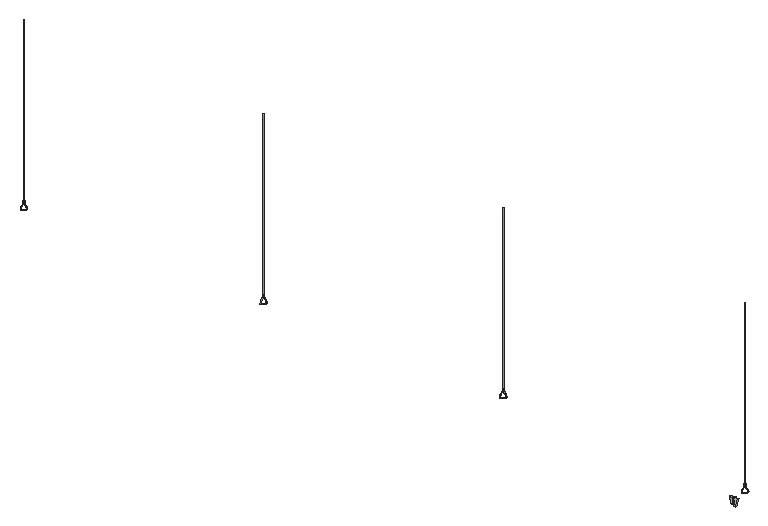
Revit family "Wire_Array-HunterDouglas-V-Baffle_Fins", category Specialty Equipment, Revit 2013
Parameters (values of type "Parametric")
  ecoScorecard_data = "http://products.ecoscorecard.com/hunterdouglascontract/LV101520M"
  ecoScorecard Product Page = "http://hunterdouglascontract.ecoscorecard.com/product/LV101520M?base_search=product_category_A1035"
  Wire Hanger = Metal - Aluminum Frame - HunterDouglas - Painted White
  URL = "http://www.hunterdouglascontract.com/ceilings/index.jsp"
  Subcategory = "Metal Screen Baffle"  # constant formula
  Product Line = "V-Baffle Fins"  # constant formula
  Perforations = "http://www.hunterdouglascontract.com/ceilings/acousticalsolutions/techstyleE/index.jsp"
  Panel Spacing = 0' - 6"
  Overall Length [instance] = 12' - 0"
  Model = "V-Baffle Fins"  # constant formula
  Manufacturer = "Hunter Douglas Luxalon Metal Ceilings"  # constant formula
  Description = "Carrier V-Baffle Fins"  # constant formula
  Color Finishes = "http://www.hunterdouglascontract.com/ceilings/metalsystems/screenbaffle/vseries/index.jsp?t=colorPage"
  Carrier = Metal - Aluminum Frame - HunterDouglas - Painted White
  Assembly Code = "C3030200"
  95 CSI = "09510"  # constant formula
  04 CSI = "09 51 00"  # constant formula
  # of Wires [instance] = Overall Length / 4' 0"  # 3
Reference planes (in)
  plane 1 "Center (Front/Back)": y = 0
  plane 2: z = 0
  plane 3 "Center (Left/Right)": x = 0
  plane 4: x = 72
  plane 5: x = -72
  plane 6: y = -0.75
  plane 7: y = 0.75
  plane 8: z = 1
  plane 9: x = -70
  plane 10: x = 70
  plane 11: x = -64
  plane 12: z = 1
  plane 13: x = -24
Lines and regions (in)
  symbolic lines, style "Carrier"
    curve 1: line (72, 0.75, 0) -> (-72, 0.75, 0)
    curve 4: line (72, -0.75, 0) -> (-72, -0.75, 0)
    curve 5: line (-72, -0.75, 0) -> (-72, 0.75, 0)
    curve 6: line (72, 0.75, 0) -> (72, -0.75, 0)
    curve 9: line (0, -0.71866, 0) -> (0, -0.75, 0)
    curve 10: line (0, -0.75, 0) -> (0, -0.62722, 1)
    curve 11: line (0, -0.62722, 1) -> (0, 0.62722, 1)
    curve 12: line (0, 0.62722, 1) -> (0, 0.75, 0)
    curve 13: line (0, 0.75, 0) -> (0, 0.71866, 0)
  symbolic lines, style "Carrier", detail levels fine
    curve 2: line (72, 0.62722, 0) -> (-72, 0.62722, 0)
    curve 3: line (-72, -0.62722, 0) -> (72, -0.62722, 0)
    curve 17: line (72, 0.5997, 0) -> (-72, 0.5997, 0)
    curve 18: line (72, -0.5997, 0) -> (-72, -0.5997, 0)
  symbolic lines, style "Carrier", detail levels medium+fine
    curve 7: line (0, 0.5997, 0.9689) -> (0, -0.5997, 0.9689)
    curve 8: line (0, -0.5997, 0.9689) -> (0, -0.71866, 0)
    curve 14: line (0, 0.71866, 0) -> (0, 0.5997, 0.9689)
    curve 16: line (72, 0.71866, 0) -> (-72, 0.71866, 0)
    curve 19: line (72, -0.71866, 0) -> (-72, -0.71866, 0)
  symbolic lines, style "Carrier", detail levels coarse
    curve 15: line (0, 0.71866, 0) -> (0, -0.71866, 0)
Dimensions and locks (in)
  equal spacing: plane 5, plane 3 "Center (Left/Right)", plane 4
  "Overall Length": plane 5 to plane 4
  plane 8 to level = 0' - 1"
  plane 5 to plane 9 = 0' - 2"
  plane 10 to plane 4 = 0' - 2"
  "Panel Spacing": plane 9 to plane 11
  locked: plane 5 to plane 13 at 48
  equal spacing: group 1, group 2, group 3  (x3)
  aligned and locked: level to plane 2
  aligned and locked: curve 5 to plane 5
  aligned and locked: curve 6 to plane 4
  aligned and locked: plane 2 to nested 1
  aligned and locked: nested 1 to plane 10
  aligned and locked: nested 2 to plane 5
  aligned and locked: plane 12 to nested 2
  aligned and locked: plane 1 "Center (Front/Back)" to nested 2
  aligned and locked: nested 3 to plane 13
  aligned and locked: plane 12 to nested 3
  aligned and locked: plane 1 "Center (Front/Back)" to nested 3
  aligned and locked: nested 5 to plane 4
  aligned and locked: plane 12 to nested 5
  aligned and locked: plane 1 "Center (Front/Back)" to nested 5
Automatic sketch dimensions
  curve 10 to level = 0' - 0"
  curve 15 to level = 0' - 0"
  plane 1 "Center (Front/Back)" to curve 10 = 0' - 0 3/4"
  curve 10 to curve 15 = 0' - 0.03134"
  plane 1 "Center (Front/Back)" to curve 10 = 0' - 0.62722"
  curve 10 to curve 7 = 0' - 0.02752"
  curve 7 to plane 1 "Center (Front/Back)" = 0' - 0.5997"
  curve 7 to curve 12 = 0' - 0.02752"
  curve 14 to plane 1 "Center (Front/Back)" = 0' - 0.71866"
  curve 13 to curve 13 = 0' - 0.03134"
  level to curve 8 = 0' - 0.9689"
  curve 7 to curve 11 = 0' - 0.0311"
  curve 6 to plane 6 = 0' - 0"
  plane 7 to curve 6 = 0' - 0"
  curve 3 to curve 18 = 0' - 0.02752"
  curve 17 to curve 2 = 0' - 0.02752"
  plane 6 to curve 19 = 0' - 0.03134"
  curve 19 to curve 3 = 0' - 0.09145"
  plane 7 to curve 17 = 0' - 0.1503"
  plane 7 to curve 16 = 0' - 0.03134"
Nested families (in)
  nested 1: "Side-Profile" at (70, -0.71708, -4.10166) x (0, -1, 0) z (0, 0, 1), type "Side-Profile"
  nested 2: "Hanger_Wire-HunterDouglas-Open-Cell" at (-71.60209, 0, -1.4375), type "Wire"
  nested 3: "Hanger_Wire-HunterDouglas-Open-Cell" at (-24, 0, -1.4375), type "Wire"
  nested 4: "Hanger_Wire-HunterDouglas-Open-Cell" at (23.60209, 0, -1.4375), type "Wire"
  nested 5: "Hanger_Wire-HunterDouglas-Open-Cell" at (71.60209, 0, -1.4375), type "Wire"
Definition of nested family "Side-Profile"
  Parameters (values of type "Side-Profile")
    Height = 0' - 4"
    Bracket = Metal - Aluminum Frame - HunterDouglas - Painted White
  Reference planes (in)
    plane 1 "Center (Front/Back)": y = 0
    plane 2: z = 0
    plane 3 "Center (Left/Right)": x = 0
    plane 4: z = 4
  Forms (in)
    Extrusion 1, solid, material "Metal - Aluminum Frame - HunterDouglas - Painted White" <- "Bracket", detail levels medium+fine
      sketch origin (0, 0, 0) x (0, 1, 0) y (0, 0, 1)
        loop
          line (0.02445, 4.10166) -> (-0.93791, 4.10166)
          arc (-0.93791, 4.10166) -> (-0.87499, 4.08) -> (-0.83873, 4.02422) r 0.10223
          line (-0.83873, 4.02422) -> (-0.49866, 2.66393)
          arc (-0.49866, 2.66393) -> (-0.46239, 2.60814) -> (-0.39948, 2.58649) r 0.10223
          line (-0.39948, 2.58649) -> (-0.0414, 2.58649)
          arc (-0.0414, 2.58649) -> (-0.01623, 2.59692) -> (-0.00581, 2.62208) r 0.03559
          line (-0.00581, 2.62208) -> (-0.00581, 2.7403)
          arc (-0.00581, 2.7403) -> (-0.01623, 2.76546) -> (-0.0414, 2.77589) r 0.03559
          line (-0.0414, 2.77589) -> (-0.15962, 2.77589)
          arc (-0.15962, 2.77589) -> (-0.18478, 2.78631) -> (-0.19521, 2.81148) r 0.03559
          line (-0.19521, 2.81148) -> (-0.19521, 3.41521)
          arc (-0.19521, 3.41521) -> (-0.19252, 3.4364) -> (-0.18464, 3.45624) r 0.08492
          line (-0.18464, 3.45624) -> (-0.10377, 3.60278)
          arc (-0.10377, 3.60278) -> (-0.09464, 3.65938) -> (-0.12356, 3.70887) r 0.08492
          line (-0.12356, 3.70887) -> (-0.16485, 3.74351)
          arc (-0.16485, 3.74351) -> (-0.18724, 3.77267) -> (-0.19521, 3.80857) r 0.08492
          line (-0.19521, 3.80857) -> (-0.19521, 3.84793)
          arc (-0.19521, 3.84793) -> (-0.18277, 3.89216) -> (-0.14912, 3.92345) r 0.08492
          line (-0.14912, 3.92345) -> (0.02445, 4.10166)
        loop
          line (0.19742, 4.10166) -> (0.19742, 3.07395)
          arc (0.19742, 3.07395) -> (0.18699, 3.04878) -> (0.16183, 3.03836) r 0.03559
          line (0.16183, 3.03836) -> (0.04361, 3.03836)
          arc (0.04361, 3.03836) -> (0.01845, 3.02794) -> (0.00802, 3.00277) r 0.03559
          line (0.00802, 3.00277) -> (0.00802, 2.88455)
          arc (0.00802, 2.88455) -> (0.01845, 2.85939) -> (0.04361, 2.84896) r 0.03559
          line (0.04361, 2.84896) -> (0.40169, 2.84896)
          arc (0.40169, 2.84896) -> (0.46461, 2.87062) -> (0.50087, 2.9264) r 0.10223
          line (0.50087, 2.9264) -> (0.78278, 4.05404)
          arc (0.78278, 4.05404) -> (0.80508, 4.08834) -> (0.84376, 4.10166) r 0.06286
          line (0.84376, 4.10166) -> (0.19742, 4.10166)
      from 0 to 0.03125
    Extrusion 2, solid, material "Metal - Aluminum Frame - HunterDouglas - Painted White" <- "Bracket", detail levels coarse
      sketch origin (0, 0, 0) x (0, 1, 0) y (0, 0, 1)
        loop
          arc (0.78278, 4.05404) -> (0.80508, 4.08834) -> (0.84376, 4.10166) r 0.06286
          line (0.84376, 4.10166) -> (-0.93791, 4.10166)
          arc (-0.93791, 4.10166) -> (-0.87499, 4.08) -> (-0.83873, 4.02422) r 0.10223
          line (-0.83873, 4.02422) -> (-0.4793, 2.58649) -> (0.41589, 2.58649) -> (0.78278, 4.05404)
      from 0 to 0.02222
  Lines and regions (in)
    symbolic lines, style "Carrier", detail levels medium+fine
      curve 1: line (0, 0.78278, 4.05404) -> (0, 0.50087, 2.9264)
      curve 2: arc (0, 0.50087, 2.9264) -> (0, 0.46461, 2.87062) -> (0, 0.40169, 2.84896) r 0.10223
      curve 3: line (0, 0.40169, 2.84896) -> (0, 0.04361, 2.84896)
      curve 4: arc (0, 0.04361, 2.84896) -> (0, 0.01845, 2.85939) -> (0, 0.00802, 2.88455) r 0.03559
      curve 5: line (0, 0.00802, 2.88455) -> (0, 0.00802, 3.00277)
      curve 6: arc (0, 0.00802, 3.00277) -> (0, 0.01845, 3.02794) -> (0, 0.04361, 3.03836) r 0.03559
      curve 7: line (0, 0.04361, 3.03836) -> (0, 0.16183, 3.03836)
      curve 8: arc (0, 0.16183, 3.03836) -> (0, 0.18699, 3.04878) -> (0, 0.19742, 3.07395) r 0.03559
      curve 9: line (0, 0.19742, 3.07395) -> (0, 0.19742, 4.10166)
      curve 10: line (0, 0.19742, 4.10166) -> (0, 0.84376, 4.10166)
      curve 11: arc (0, 0.84376, 4.10166) -> (0, 0.80508, 4.08834) -> (0, 0.78278, 4.05404) r 0.06286
      curve 12: line (0, -0.0414, 2.58649) -> (0, -0.39948, 2.58649)
      curve 13: arc (0, -0.39948, 2.58649) -> (0, -0.46239, 2.60814) -> (0, -0.49866, 2.66393) r 0.10223
      curve 14: line (0, -0.49866, 2.66393) -> (0, -0.83873, 4.02422)
      curve 15: arc (0, -0.83873, 4.02422) -> (0, -0.87499, 4.08) -> (0, -0.93791, 4.10166) r 0.10223
      curve 16: line (0, -0.93791, 4.10166) -> (0, 0.02445, 4.10166)
      curve 17: line (0, 0.02445, 4.10166) -> (0, -0.14912, 3.92345)
      curve 18: arc (0, -0.14912, 3.92345) -> (0, -0.18277, 3.89216) -> (0, -0.19521, 3.84793) r 0.08492
      curve 19: line (0, -0.19521, 3.84793) -> (0, -0.19521, 3.80857)
      curve 20: arc (0, -0.19521, 3.80857) -> (0, -0.18724, 3.77267) -> (0, -0.16485, 3.74351) r 0.08492
      curve 21: line (0, -0.16485, 3.74351) -> (0, -0.12356, 3.70887)
      curve 22: arc (0, -0.12356, 3.70887) -> (0, -0.09464, 3.65938) -> (0, -0.10377, 3.60278) r 0.08492
      curve 23: line (0, -0.10377, 3.60278) -> (0, -0.18464, 3.45624)
      curve 24: arc (0, -0.18464, 3.45624) -> (0, -0.19252, 3.4364) -> (0, -0.19521, 3.41521) r 0.08492
      curve 25: line (0, -0.19521, 3.41521) -> (0, -0.19521, 2.81148)
      curve 26: arc (0, -0.19521, 2.81148) -> (0, -0.18478, 2.78631) -> (0, -0.15962, 2.77589) r 0.03559
      curve 27: line (0, -0.15962, 2.77589) -> (0, -0.0414, 2.77589)
      curve 28: arc (0, -0.0414, 2.77589) -> (0, -0.01623, 2.76546) -> (0, -0.00581, 2.7403) r 0.03559
      curve 29: line (0, -0.00581, 2.7403) -> (0, -0.00581, 2.62208)
      curve 30: arc (0, -0.00581, 2.62208) -> (0, -0.01623, 2.59692) -> (0, -0.0414, 2.58649) r 0.03559
    symbolic lines, style "Carrier"
      curve 31: line (0, 0, 4.10166) -> (0.03292, 0, 4.10166)
      curve 32: line (0.03292, 0, 4.10166) -> (0.03292, 0, 2.58649)
      curve 33: line (0, 0, 2.58649) -> (0.03292, 0, 2.58649)
      curve 34: line (0, 0, 2.58649) -> (0, 0, 4.10166)
    symbolic lines, style "Carrier", detail levels coarse
      curve 35: line (0, 0.41589, 2.58649) -> (0, -0.4793, 2.58649)
      curve 36: line (0, -0.4793, 2.58649) -> (0, -0.83873, 4.02422)
      curve 37: arc (0, -0.83873, 4.02422) -> (0, -0.87499, 4.08) -> (0, -0.93791, 4.10166) r 0.10223
      curve 38: line (0, -0.93791, 4.10166) -> (0, 0.84376, 4.10166)
      curve 39: arc (0, 0.84376, 4.10166) -> (0, 0.80508, 4.08834) -> (0, 0.78278, 4.05404) r 0.06286
      curve 40: line (0, 0.78278, 4.05404) -> (0, 0.41589, 2.58649)
  Dimensions and locks (in)
    aligned and locked: level to plane 2
    aligned and locked: Extrusion 2 to plane 3 "Center (Left/Right)"
Definition of nested family "Hanger_Wire-HunterDouglas-Open-Cell"
  Parameters (values of type "Wire")
    Wire Visibility = yes
    URL = "http://www.hunterdouglascontract.com/ceilings/index.jsp"
    Subcategory = "Metal – Cell Ceilings"  # constant formula
    Product Line = "Open Cell"  # constant formula
    Model = "Open Cell Hanger_Wire"  # constant formula
    Material = Metal - Aluminum Frame - HunterDouglas - Painted White
    Manufacturer = "Hunter Douglas Luxalon Metal Ceilings"  # constant formula
    HangerWire Length = 3' - 0"
    Description = "Hanger_Wire"  # constant formula
    Assembly Code = "C3030200"
    95 CSI = "09510"  # constant formula
    04 CSI = "09 51 00"  # constant formula
  Reference planes (in)
    plane 1 "Center (Front/Back)": y = 0
    plane 2: z = 0
    plane 3 "Center (Left/Right)": x = 0
    plane 4: x = -0.77248
    plane 5: x = 0.77248
    plane 6: z = 2.4375
    plane 7: z = 2.5
    plane 8: z = 36
    plane 9: z = 36.21875
    plane 10: x = 0.39791
    plane 11: x = -0.39791
  Forms (in)
    Sweep 1, solid, material "Metal - Aluminum Frame - HunterDouglas - Painted White" <- "Material", visible <- "Wire Visibility", detail levels fine
      path origin (0, 0, 0) x (0.707107, 0.707107, 0) y (0, 0, 1)
        loop
          line (0.03125, 36.21875) -> (0.03125, 3.70793) -> (0.38236, 3.14135)
          arc (0.38236, 3.14135) -> (0.44435, 3.01623) -> (0.48166, 2.88166) r 0.73777
          line (0.48166, 2.88166) -> (0.5376, 2.56649)
          arc (0.5376, 2.56649) -> (0.51364, 2.47677) -> (0.42949, 2.4375) r 0.1098
          line (0.42949, 2.4375) -> (-0.42976, 2.4375)
          arc (-0.42976, 2.4375) -> (-0.51374, 2.47669) -> (-0.53765, 2.56622) r 0.10957
          line (-0.53765, 2.56622) -> (-0.48246, 2.87715)
          arc (-0.48246, 2.87715) -> (-0.44395, 3.01607) -> (-0.37995, 3.14524) r 0.76163
          line (-0.37995, 3.14524) -> (-0.0384, 3.69638)
      profile origin (-0.0001, -0.0001, 2.4375) x (0, 0, -1) y (0.707107, -0.707107, 0)
        loop
          circle (-0.03125, 0) r 0.03125
    Revolve 2, solid, material "Metal - Aluminum Frame - HunterDouglas - Painted White" <- "Material", visible <- "Wire Visibility", detail levels fine
      sketch origin (0.00705, -1.10535, 0.17393) x (0, 0.947216, -0.320596) y (0, 0.320596, 0.947216)
        loop
          line (-0.19925, 4.08974) -> (-0.26999, 4.08974)
          arc (-0.26999, 4.08974) -> (-0.30124, 4.05849) -> (-0.26999, 4.02724) r 0.03125
          line (-0.26999, 4.02724) -> (-0.19925, 4.02724) -> (-0.19925, 4.08974)
        axis (-0.19925, 4.02724) -> (-0.19925, 4.08974)
      angle from 0 to 360
    Revolve 3, solid, material "Metal - Aluminum Frame - HunterDouglas - Painted White" <- "Material", visible <- "Wire Visibility", detail levels fine
      sketch origin (0.00705, -1.10535, 0.04197) x (0, 0.947216, -0.320596) y (0, 0.320596, 0.947216)
        loop
          line (-0.19925, 4.08974) -> (-0.26999, 4.08974)
          arc (-0.26999, 4.08974) -> (-0.30124, 4.05849) -> (-0.26999, 4.02724) r 0.03125
          line (-0.26999, 4.02724) -> (-0.19925, 4.02724) -> (-0.19925, 4.08974)
        axis (-0.19925, 4.02724) -> (-0.19925, 4.08974)
      angle from 0 to 360
    Revolve 4, solid, material "Metal - Aluminum Frame - HunterDouglas - Painted White" <- "Material", visible <- "Wire Visibility", detail levels fine
      sketch origin (0.00705, -1.10535, 0.10916) x (0, 0.947216, -0.320596) y (0, 0.320596, 0.947216)
        loop
          line (-0.19925, 4.08974) -> (-0.26999, 4.08974)
          arc (-0.26999, 4.08974) -> (-0.30124, 4.05849) -> (-0.26999, 4.02724) r 0.03125
          line (-0.26999, 4.02724) -> (-0.19925, 4.02724) -> (-0.19925, 4.08974)
        axis (-0.19925, 4.02724) -> (-0.19925, 4.08974)
      angle from 0 to 360
    Revolve 5, solid, material "Metal - Aluminum Frame - HunterDouglas - Painted White" <- "Material", visible <- "Wire Visibility", detail levels fine
      sketch origin (0.00705, -1.10535, -0.02357) x (0, 0.947216, -0.320596) y (0, 0.320596, 0.947216)
        loop
          line (-0.19925, 4.08974) -> (-0.26999, 4.08974)
          arc (-0.26999, 4.08974) -> (-0.30124, 4.05849) -> (-0.26999, 4.02724) r 0.03125
          line (-0.26999, 4.02724) -> (-0.19925, 4.02724) -> (-0.19925, 4.08974)
        axis (-0.19925, 4.02724) -> (-0.19925, 4.08974)
      angle from 0 to 360
    Revolve 6, solid, material "Metal - Aluminum Frame - HunterDouglas - Painted White" <- "Material", visible <- "Wire Visibility", detail levels fine
      sketch origin (0.00705, -1.10535, -0.08912) x (0, 0.947216, -0.320596) y (0, 0.320596, 0.947216)
        loop
          line (-0.19925, 4.08974) -> (-0.26999, 4.08974)
          arc (-0.26999, 4.08974) -> (-0.30124, 4.05849) -> (-0.26999, 4.02724) r 0.03125
          line (-0.26999, 4.02724) -> (-0.19925, 4.02724) -> (-0.19925, 4.08974)
        axis (-0.19925, 4.02724) -> (-0.19925, 4.08974)
      angle from 0 to 360
    Revolve 7, solid, material "Metal - Aluminum Frame - HunterDouglas - Painted White" <- "Material", visible <- "Wire Visibility", detail levels fine
      sketch origin (0.00705, -1.10535, -0.15857) x (0, 0.947216, -0.320596) y (0, 0.320596, 0.947216)
        loop
          line (-0.19925, 4.08974) -> (-0.26999, 4.08974)
          arc (-0.26999, 4.08974) -> (-0.30124, 4.05849) -> (-0.26999, 4.02724) r 0.03125
          line (-0.26999, 4.02724) -> (-0.19925, 4.02724) -> (-0.19925, 4.08974)
        axis (-0.19925, 4.02724) -> (-0.19925, 4.08974)
      angle from 0 to 360
  Lines and regions (in)
    model lines, style "Wire", visible <- "Wire Visibility", detail levels coarse+medium
      curve 1: line (0, 0, 36) -> (0, 0, 2.5)
    symbolic lines, style "Wire", visible <- "Wire Visibility", detail levels fine
      curve 2: line (-0.38204, -0.33784, 0) -> (-0.08282, -0.03863, 0)
      curve 3: line (0.38204, 0.33784, 0) -> (0.09664, 0.05243, 0)
      curve 4: arc (0.33784, 0.38204, 0) -> (0.38204, 0.38204, 0) -> (0.38204, 0.33784, 0) r 0.03125
      curve 5: arc (-0.38204, -0.33784, 0) -> (-0.38204, -0.38204, 0) -> (-0.33784, -0.38204, 0) r 0.03125
      curve 6: circle (0.00691, 0.00691, 0) r 0.10062 normal (0, 0, 1)
      curve 8: line (0.05244, 0.09663, 0) -> (0.33784, 0.38204, 0)
      curve 9: line (-0.03862, -0.08282, 0) -> (-0.33784, -0.38204, 0)
      curve 14: line (-0.03122, 0, 36.21875) -> (0.03122, 0, 36.21875)
      curve 15: line (0.03122, 0, 36.21875) -> (0.03122, 0, 4.1081)
      curve 16: line (-0.02999, 0, 3.69117) -> (-0.27048, 0, 3.16052)
      curve 17: line (-0.39791, 0, 2.57083) -> (-0.33782, 0, 2.89346)
      curve 18: arc (-0.33782, 0, 2.89346) -> (-0.3161, 0, 3.03) -> (-0.27048, 0, 3.16052) r 0.77561
      curve 19: arc (-0.39791, 0, 2.57083) -> (-0.37867, 0, 2.48393) -> (-0.30275, 0, 2.4375) r 0.11373
      curve 20: line (0.08629, 0, 3.61911) -> (-0.02999, 0, 3.69117)
      curve 21: spline (-0.03122, 0, 3.69014) -> (-0.02944, 0, 3.69066) -> (-0.02594, 0, 3.69166) -> (-0.02092, 0, 3.6931) -> (-0.01467, 0, 3.69489) -> (-0.00756, 0, 3.69692) -> (0, 0, 3.69907) -> (0.00755, 0, 3.70122) -> (0.01466, 0, 3.70324) -> (0.02091, 0, 3.70501) -> (0.02594, 0, 3.70643) -> (0.02944, 0, 3.70742) -> (0.03122, 0, 3.70792)
      curve 22: line (0.00884, 0, 3.62544) -> (-0.21356, 0, 3.13472)
      curve 23: arc (-0.2757, 0, 2.88565) -> (-0.25593, 0, 3.013) -> (-0.21356, 0, 3.13472) r 0.71311
      curve 24: line (-0.33647, 0, 2.55939) -> (-0.2757, 0, 2.88565)
      curve 25: arc (-0.33647, 0, 2.55939) -> (-0.3278, 0, 2.52024) -> (-0.2936, 0, 2.49933) r 0.05123
      curve 26: line (0.03122, 0, 36.21875) -> (-0.03122, 0, 36.21875)
      curve 27: line (-0.03122, 0, 36.21875) -> (-0.03122, 0, 4.1296)
      curve 28: line (-0.2936, 0, 2.49933) -> (0, 0, 2.49933)
      curve 29: line (0, 0, 2.4375) -> (-0.30275, 0, 2.4375)
      curve 30: line (-0.03122, 0, 3.73252) -> (-0.03122, 0, 3.68845)
      curve 31: line (0.03122, 0, 3.68845) -> (0.27048, 0, 3.16052)
      curve 32: line (0.39791, 0, 2.57083) -> (0.33782, 0, 2.89346)
      curve 33: arc (0.33782, 0, 2.89346) -> (0.3161, 0, 3.03) -> (0.27048, 0, 3.16052) r 0.77561
      curve 34: arc (0.39791, 0, 2.57083) -> (0.37867, 0, 2.48393) -> (0.30275, 0, 2.4375) r 0.11373
      curve 35: spline (0.03122, 0, 3.69014) -> (0.02944, 0, 3.69066) -> (0.02594, 0, 3.69166) -> (0.02092, 0, 3.6931) -> (0.01467, 0, 3.69489) -> (0.00756, 0, 3.69692) -> (0, 0, 3.69907) -> (-0.00755, 0, 3.70122) -> (-0.01466, 0, 3.70324) -> (-0.02091, 0, 3.70501) -> (-0.02594, 0, 3.70643) -> (-0.02944, 0, 3.70742) -> (-0.03122, 0, 3.70792)
      curve 36: line (-0.00884, 0, 3.62544) -> (0.21356, 0, 3.13472)
      curve 37: arc (0.2757, 0, 2.88565) -> (0.25593, 0, 3.013) -> (0.21356, 0, 3.13472) r 0.71311
      curve 38: line (0.33647, 0, 2.55939) -> (0.2757, 0, 2.88565)
      curve 39: arc (0.33647, 0, 2.55939) -> (0.3278, 0, 2.52024) -> (0.2936, 0, 2.49933) r 0.05123
      curve 40: line (0.2936, 0, 2.49933) -> (0, 0, 2.49933)
      curve 41: line (0, 0, 2.4375) -> (0.30275, 0, 2.4375)
      curve 42: line (0.03122, 0, 3.73252) -> (0.03122, 0, 3.68845)
    symbolic lines, style "Wire", detail levels fine
      curve 7: circle (0, 0, 0) r 0.03125 normal (0, 0, 1)
      curve 43: line (0, 0.03122, 3.68845) -> (0, 0.27048, 3.16052)
      curve 44: line (0, 0.39791, 2.57083) -> (0, 0.33782, 2.89346)
      curve 45: arc (0, 0.33782, 2.89346) -> (0, 0.3161, 3.03) -> (0, 0.27048, 3.16052) r 0.77561
      curve 46: arc (0, 0.39791, 2.57083) -> (0, 0.37867, 2.48393) -> (0, 0.30275, 2.4375) r 0.11373
      curve 47: line (0, -0.00884, 3.62544) -> (0, 0.21356, 3.13472)
      curve 48: arc (0, 0.2757, 2.88565) -> (0, 0.25593, 3.013) -> (0, 0.21356, 3.13472) r 0.71311
      curve 49: line (0, 0.33647, 2.55939) -> (0, 0.2757, 2.88565)
      curve 50: arc (0, 0.33647, 2.55939) -> (0, 0.3278, 2.52024) -> (0, 0.2936, 2.49933) r 0.05123
      curve 51: line (0, 0.2936, 2.49933) -> (0, 0, 2.49933)
      curve 52: line (0, 0, 2.4375) -> (0, 0.30275, 2.4375)
      curve 53: line (0, -0.03122, 3.68845) -> (0, -0.27048, 3.16052)
      curve 54: line (0, -0.39791, 2.57083) -> (0, -0.33782, 2.89346)
      curve 55: arc (0, -0.33782, 2.89346) -> (0, -0.3161, 3.03) -> (0, -0.27048, 3.16052) r 0.77561
      curve 56: arc (0, -0.39791, 2.57083) -> (0, -0.37867, 2.48393) -> (0, -0.30275, 2.4375) r 0.11373
      curve 57: line (0, 0.00884, 3.62544) -> (0, -0.21356, 3.13472)
      curve 58: arc (0, -0.2757, 2.88565) -> (0, -0.25593, 3.013) -> (0, -0.21356, 3.13472) r 0.71311
      curve 59: line (0, -0.33647, 2.55939) -> (0, -0.2757, 2.88565)
      curve 60: arc (0, -0.33647, 2.55939) -> (0, -0.3278, 2.52024) -> (0, -0.2936, 2.49933) r 0.05123
      curve 61: line (0, -0.2936, 2.49933) -> (0, 0, 2.49933)
      curve 62: line (0, 0, 2.4375) -> (0, -0.30275, 2.4375)
      curve 63: line (0, -0.03122, 3.73252) -> (0, -0.03122, 3.68845)
      curve 64: line (0, -0.04684, 4.13498) -> (0, 0.08788, 4.08859)
      curve 65: line (0, -0.07537, 4.07858) -> (0, 0.06749, 4.02939)
      curve 66: arc (0, 0.08788, 4.08859) -> (0, 0.10729, 4.0488) -> (0, 0.06749, 4.02939) r 0.03131
      curve 67: arc (0, -0.04684, 4.13498) -> (0, -0.08569, 4.11922) -> (0, -0.07537, 4.07858) r 0.0319
      curve 68: arc (0, 0.08788, 4.02237) -> (0, 0.10784, 3.98437) -> (0, 0.0711, 3.96216) r 0.03131
      curve 69: arc (0, -0.04684, 4.06876) -> (0, -0.08551, 4.05335) -> (0, -0.07602, 4.01282) r 0.0319
      curve 70: line (0, -0.07602, 4.01282) -> (0, 0.0711, 3.96216)
      curve 71: arc (0, 0.08788, 3.95615) -> (0, 0.10784, 3.91815) -> (0, 0.0711, 3.89594) r 0.03131
      curve 72: arc (0, -0.04684, 4.00254) -> (0, -0.08551, 3.98713) -> (0, -0.07602, 3.9466) r 0.0319
      curve 73: line (0, -0.07602, 3.9466) -> (0, 0.0711, 3.89594)
      curve 74: arc (0, 0.08788, 3.88993) -> (0, 0.10784, 3.85193) -> (0, 0.0711, 3.82972) r 0.03131
      curve 75: arc (0, -0.04684, 3.93632) -> (0, -0.08551, 3.92091) -> (0, -0.07602, 3.88038) r 0.0319
      curve 76: line (0, -0.07602, 3.88038) -> (0, 0.0711, 3.82972)
      curve 77: arc (0, 0.08788, 3.82371) -> (0, 0.10784, 3.78571) -> (0, 0.0711, 3.7635) r 0.03131
      curve 78: arc (0, -0.04684, 3.8701) -> (0, -0.08551, 3.85469) -> (0, -0.07602, 3.81416) r 0.0319
      curve 79: line (0, -0.07602, 3.81416) -> (0, 0.0711, 3.7635)
      curve 80: arc (0, 0.08788, 3.75749) -> (0, 0.10784, 3.71949) -> (0, 0.0711, 3.69728) r 0.03131
      curve 81: arc (0, -0.04684, 3.80388) -> (0, -0.08551, 3.78847) -> (0, -0.07602, 3.74794) r 0.0319
      curve 82: line (0, -0.07602, 3.74794) -> (0, 0.0711, 3.69728)
      curve 83: line (0, -0.03122, 3.73252) -> (0, -0.03122, 3.68845)
      curve 84: spline (0, 0.03122, 3.69014) -> (0, 0.02944, 3.69066) -> (0, 0.02594, 3.69166) -> (0, 0.02092, 3.6931) -> (0, 0.01467, 3.69489) -> (0, 0.00756, 3.69692) -> (0, 0, 3.69907) -> (0, -0.00755, 3.70122) -> (0, -0.01466, 3.70324) -> (0, -0.02091, 3.70501) -> (0, -0.02594, 3.70643) -> (0, -0.02944, 3.70742) -> (0, -0.03122, 3.70792)
      curve 85: line (0, 0.03122, 3.71102) -> (0, 0.03122, 3.68845)
    symbolic lines, style "Wire"
      curve 10: line (0, 0.03125, 36.21875) -> (0, -0.03125, 36.21875)
      curve 11: line (0, -0.03125, 36.21875) -> (0, -0.03125, 4.05165)
      curve 12: arc (0, 0.03125, 4.05165) -> (0, 0, 4.04216) -> (0, -0.03125, 4.05165) r 0.05621
      curve 13: line (0, 0.03125, 4.05165) -> (0, 0.03125, 36.21875)
    symbolic lines, style "Wire", visible <- "Wire Visibility"
      curve 86: arc (-0.07801, 0, 3.78381) -> (-0.09482, 0, 3.81838) -> (-0.07483, 0, 3.85122) r 0.04011
      curve 87: arc (-0.07459, 0, 3.85136) -> (-0.03526, 0, 3.86711) -> (0.00686, 0, 3.87167) r 0.15569
      curve 88: arc (0.09173, 0, 3.78381) -> (0.10854, 0, 3.81838) -> (0.08855, 0, 3.85122) r 0.04011
      curve 89: arc (0.0883, 0, 3.85136) -> (0.04898, 0, 3.86711) -> (0.00686, 0, 3.87167) r 0.15569
      curve 90: arc (-0.07483, 0, 3.85122) -> (-0.09482, 0, 3.88413) -> (-0.07788, 0, 3.91872) r 0.04011
      curve 91: arc (-0.07459, 0, 3.92081) -> (-0.03526, 0, 3.93656) -> (0.00686, 0, 3.94112) r 0.15569
      curve 92: arc (0.08855, 0, 3.85122) -> (0.10858, 0, 3.88609) -> (0.0883, 0, 3.92081) r 0.04011
      curve 93: arc (0.0883, 0, 3.92081) -> (0.04898, 0, 3.93656) -> (0.00686, 0, 3.94112) r 0.15569
      curve 94: arc (-0.07788, 0, 3.91872) -> (-0.09482, 0, 3.95344) -> (-0.07459, 0, 3.98635) r 0.04011
      curve 95: arc (-0.07459, 0, 3.98635) -> (-0.03526, 0, 4.0021) -> (0.00686, 0, 4.00666) r 0.15569
      curve 96: arc (0.0916, 0, 3.91872) -> (0.10853, 0, 3.95344) -> (0.0883, 0, 3.98635) r 0.04011
      curve 97: arc (0.0883, 0, 3.98635) -> (0.04898, 0, 4.0021) -> (0.00686, 0, 4.00666) r 0.15569
      curve 98: arc (-0.07788, 0, 3.98426) -> (-0.09486, 0, 4.01703) -> (-0.07788, 0, 4.0498) r 0.04011
      curve 99: arc (-0.07459, 0, 4.05189) -> (-0.03526, 0, 4.06764) -> (0.00686, 0, 4.0722) r 0.15569
      curve 100: arc (0.0916, 0, 3.98426) -> (0.10858, 0, 4.01703) -> (0.0916, 0, 4.0498) r 0.04011
      curve 101: arc (0.0883, 0, 4.05189) -> (0.04898, 0, 4.06764) -> (0.00686, 0, 4.0722) r 0.15569
      curve 102: arc (-0.07788, 0, 4.0498) -> (-0.09482, 0, 4.08452) -> (-0.07459, 0, 4.11744) r 0.04011
      curve 103: arc (-0.07459, 0, 4.11744) -> (-0.03526, 0, 4.13318) -> (0.00686, 0, 4.13774) r 0.15569
      curve 104: arc (0.0916, 0, 4.0498) -> (0.10853, 0, 4.08452) -> (0.0883, 0, 4.11744) r 0.04011
      curve 105: arc (0.0883, 0, 4.11744) -> (0.04898, 0, 4.13318) -> (0.00686, 0, 4.13774) r 0.15569
      curve 106: arc (-0.07788, 0, 3.71818) -> (-0.09482, 0, 3.75291) -> (-0.07459, 0, 3.78582) r 0.04011
      curve 107: arc (-0.07801, 0, 3.78381) -> (-0.03718, 0, 3.80107) -> (0.00686, 0, 3.80613) r 0.15569
      curve 108: arc (0.0916, 0, 3.71818) -> (0.10853, 0, 3.75291) -> (0.0883, 0, 3.78582) r 0.04011
      curve 109: arc (0.09173, 0, 3.78381) -> (0.0509, 0, 3.80107) -> (0.00686, 0, 3.80613) r 0.15569
      curve 110: arc (-0.07788, 0, 3.71818) -> (-0.05245, 0, 3.70483) -> (-0.02439, 0, 3.69871) r 0.10721
      curve 111: arc (0.0916, 0, 3.71818) -> (0.06617, 0, 3.70483) -> (0.03811, 0, 3.69871) r 0.10721
  Dimensions and locks (in)
    equal spacing: plane 4, plane 3 "Center (Left/Right)", plane 5
    plane 4 to plane 5 = 0' - 1.54495"
    locked: plane 6 to plane 7 at 0.0625
    locked: plane 6 to level at 2.4375
    "HangerWire Length": plane 8 to level
    locked: plane 9 to plane 8 at 0.21875
    aligned and locked: level to plane 2
    aligned and locked: Sweep 1 sketch curve to plane 6
    aligned and locked: curve 1 to plane 3 "Center (Left/Right)"
    aligned and locked: plane 7 to curve 1
    aligned and locked: plane 8 to curve 1
    aligned and locked: plane 9 to curve 26
    aligned and locked: plane 9 to Sweep 1 sketch curve
    aligned and locked: curve 10 to plane 9
  Automatic sketch dimensions
    curve 12 to plane 1 "Center (Front/Back)" = 0' - 0"
    plane 1 "Center (Front/Back)" to curve 11 = 0' - 0 1/32"
    curve 13 to plane 1 "Center (Front/Back)" = 0' - 0 1/32"
    curve 12 to curve 12 = 0' - 0.04672"
    curve 18 to curve 23 = 0' - 0"  (x2)
    curve 19 to curve 25 = 0' - 0"  (x2)
    curve 33 to curve 37 = 0' - 0"  (x2)
    curve 34 to curve 39 = 0' - 0"  (x2)
    curve 19 to plane 6 = 0' - 0"
    curve 41 to plane 3 "Center (Left/Right)" = 0' - 0"
    curve 40 to plane 3 "Center (Left/Right)" = 0' - 0"
    curve 35 to plane 3 "Center (Left/Right)" = 0' - 0"
    curve 36 to plane 3 "Center (Left/Right)" = 0' - 0.00884"
    curve 16 to plane 3 "Center (Left/Right)" = 0' - 0.02999"
    curve 14 to plane 3 "Center (Left/Right)" = 0' - 0.03122"
    curve 35 to curve 16 = 0' - 0.00123"
    curve 21 to curve 21 = 0' - 0.00021"
    curve 22 to plane 3 "Center (Left/Right)" = 0' - 0.21356"
    curve 18 to curve 23 = 0' - 0.05693"
    curve 23 to curve 22 = 0' - 0.06215"
    plane 7 to curve 19 = 0' - 0.05001"
    curve 19 to plane 3 "Center (Left/Right)" = 0' - 0.2861"
    curve 25 to plane 7 = 0' - 0.00067"
    curve 25 to curve 19 = 0' - 0.0075"
    curve 29 to curve 28 = 0' - 0.00915"
    curve 25 to curve 19 = 0' - 0.05037"
    curve 17 to curve 23 = 0' - 0.06212"
    plane 7 to curve 17 = 0' - 0.07083"
    curve 37 to curve 17 = 0' - 0.09814"
    plane 3 "Center (Left/Right)" to curve 21 = 0' - 0"
    plane 3 "Center (Left/Right)" to curve 22 = 0' - 0.00884"
    plane 3 "Center (Left/Right)" to curve 42 = 0' - 0.03122"
    plane 3 "Center (Left/Right)" to curve 14 = 0' - 0.03122"
    curve 35 to curve 31 = 0' - 0"
    curve 35 to curve 35 = 0' - 0.00021"
    curve 22 to curve 20 = 0' - 0.07745"
    plane 3 "Center (Left/Right)" to curve 37 = 0' - 0.21356"
    curve 36 to curve 31 = 0' - 0.05693"
    curve 37 to curve 38 = 0' - 0.06215"
    plane 7 to curve 39 = 0' - 0.05001"
    plane 3 "Center (Left/Right)" to curve 39 = 0' - 0.2861"
    curve 34 to curve 40 = 0' - 0.0075"
    curve 39 to curve 34 = 0' - 0.00915"
    curve 34 to curve 39 = 0' - 0.05037"
    curve 38 to curve 33 = 0' - 0.06212"
    curve 38 to curve 34 = 0' - 0.06144"
    curve 33 to curve 23 = 0' - 0.09814"
    curve 19 to curve 33 = 0' - 0 69/256"
    curve 34 to curve 18 = 0' - 0 69/256"
    curve 33 to curve 23 = 0' - 0.04529"
    curve 18 to curve 37 = 0' - 0.04529"
    curve 38 to curve 32 = 0' - 0 1/128"
    curve 23 to curve 18 = 0' - 0 1/128"
    curve 33 to curve 20 = 0' - 0.4586"
    curve 20 to curve 36 = 0' - 0.00633"
    curve 22 to curve 36 = 0' - 0"
    curve 36 to curve 30 = 0' - 0.06301"
    curve 42 to curve 16 = 0' - 0.00272"
    curve 31 to curve 35 = 0' - 0.00163"
    curve 30 to curve 21 = 0' - 0.00163"
    curve 35 to curve 35 = 0' - 0.00006"
    curve 21 to curve 21 = 0' - 0.00006"
    curve 35 to curve 30 = 0' - 0.0246"
    curve 21 to curve 42 = 0' - 0.0246"
    curve 42 to curve 15 = 0' - 0.37558"
    curve 15 to curve 27 = 0' - 0.0215"
    plane 1 "Center (Front/Back)" to curve 7 = 0' - 0"
    curve 7 to plane 3 "Center (Left/Right)" = 0' - 0"
    curve 9 to plane 3 "Center (Left/Right)" = 0' - 0.03862"
    plane 1 "Center (Front/Back)" to curve 2 = 0' - 0.03863"
    curve 2 to curve 9 = 0' - 0.0442"
    curve 5 to plane 3 "Center (Left/Right)" = 0' - 0.33784"
    curve 5 to curve 9 = 0' - 0.0221"
    curve 5 to curve 5 = 0' - 0.0221"
    plane 3 "Center (Left/Right)" to curve 6 = 0' - 0.00691"
    plane 3 "Center (Left/Right)" to curve 8 = 0' - 0.05244"
    curve 8 to curve 3 = 0' - 0.0442"
    plane 3 "Center (Left/Right)" to curve 4 = 0' - 0.33784"
    curve 4 to curve 4 = 0' - 0.0221"
    curve 4 to curve 3 = 0' - 0.0221"
    curve 9 to curve 2 = 0' - 0.0442"
    plane 1 "Center (Front/Back)" to curve 2 = 0' - 0.33784"
    curve 5 to curve 2 = 0' - 0.0221"
    curve 4 to plane 1 "Center (Front/Back)" = 0' - 0.33784"
    curve 3 to curve 4 = 0' - 0.0221"
    plane 7 to Sweep 1 sketch curve = 0' - 0.06622"
    plane 7 to Sweep 1 sketch curve = 0' - 0.37715"
    Sweep 1 sketch curve to Sweep 1 sketch curve = 0' - 0.05519"
    Sweep 1 sketch curve to Sweep 1 sketch curve = 0' - 0.10788"
    Sweep 1 sketch curve to Sweep 1 sketch curve = 0' - 0.10251"
    Sweep 1 sketch curve to Sweep 1 sketch curve = 0' - 0.2377"
    plane 7 to Sweep 1 sketch curve = 0' - 1.19638"
    Sweep 1 sketch curve to Sweep 1 sketch curve = 0' - 0.34154"
    Sweep 1 sketch curve to Sweep 1 sketch curve = 0' - 0.06965"
    plane 7 to Sweep 1 sketch curve = 0' - 0.24405"
    Sweep 1 sketch curve to Sweep 1 sketch curve = 0' - 0.51221"
    Sweep 1 sketch curve to Sweep 1 sketch curve = 0' - 0.1149"
    Sweep 1 sketch curve to Sweep 1 sketch curve = 0' - 0.16204"
    Sweep 1 sketch curve to Sweep 1 sketch curve = 0' - 0.21421"
    plane 7 to Sweep 1 sketch curve = 0' - 0.06649"
    Sweep 1 sketch curve to Sweep 1 sketch curve = 0' - 0.10811"
    plane 7 to Sweep 1 sketch curve = 0' - 0.25273"
    Sweep 1 sketch curve to Sweep 1 sketch curve = 0' - 0.13761"
    Sweep 1 sketch curve to Sweep 1 sketch curve = 0' - 0.01154"
    Sweep 1 sketch curve to profile plane = 0' - 0"
    profile plane to Sweep 1 sketch curve = 0' - 0 1/32"
    plane 1 "Center (Front/Back)" to Revolve 2 sketch curve = 0' - 0.06997"
    plane 7 to Revolve 2 sketch curve = 0' - 1.57516"
    Revolve 2 sketch curve to Revolve 2 sketch curve = 0' - 0.07074"
    Revolve 2 sketch curve to Revolve 2 sketch curve = 0' - 0"  (x2)
    Revolve 2 sketch curve to Revolve 2 sketch curve = 0' - 0 1/32"
    Revolve 2 sketch curve to Revolve 2 sketch curve = 0' - 0.02781"
    plane 1 "Center (Front/Back)" to Revolve 3 sketch curve = 0' - 0.06997"
    plane 7 to Revolve 3 sketch curve = 0' - 1.44319"
    Revolve 3 sketch curve to Revolve 3 sketch curve = 0' - 0.07074"
    Revolve 3 sketch curve to Revolve 3 sketch curve = 0' - 0"  (x2)
    Revolve 3 sketch curve to Revolve 3 sketch curve = 0' - 0 1/32"
    Revolve 3 sketch curve to Revolve 3 sketch curve = 0' - 0.02781"
    curve 45 to curve 48 = 0' - 0"  (x2)
    curve 46 to curve 50 = 0' - 0"  (x2)
    curve 55 to curve 58 = 0' - 0"  (x2)
    curve 56 to curve 60 = 0' - 0"  (x2)
    plane 6 to curve 46 = 0' - 0"
    curve 61 to plane 1 "Center (Front/Back)" = 0' - 0"
    curve 52 to plane 1 "Center (Front/Back)" = 0' - 0"
    curve 57 to plane 1 "Center (Front/Back)" = 0' - 0.00884"
    curve 85 to plane 1 "Center (Front/Back)" = 0' - 0.03122"
    curve 84 to curve 43 = 0' - 0"
    curve 84 to curve 84 = 0' - 0.00021"
    curve 65 to plane 1 "Center (Front/Back)" = 0' - 0.06749"
    curve 73 to plane 1 "Center (Front/Back)" = 0' - 0.0711"
    curve 68 to curve 71 = 0' - 0"
    curve 79 to curve 85 = 0' - 0.03988"
    curve 82 to curve 84 = 0' - 0.03967"
    curve 76 to curve 73 = 0' - 0"
    curve 74 to curve 74 = 0' - 0.00658"
    curve 68 to curve 68 = 0' - 0.00658"
    curve 77 to curve 79 = 0' - 0.00658"
    curve 80 to curve 80 = 0' - 0.00658"
    curve 71 to curve 73 = 0' - 0.00658"
    curve 66 to curve 66 = 0' - 0.01019"
    curve 80 to curve 79 = 0' - 0.01678"
    curve 77 to curve 76 = 0' - 0.01678"
    curve 64 to curve 66 = 0' - 0.01019"
    curve 71 to curve 70 = 0' - 0.01678"
    curve 68 to curve 66 = 0' - 0.02038"
    curve 74 to curve 73 = 0' - 0.01678"
    curve 48 to plane 1 "Center (Front/Back)" = 0' - 0.21356"
    curve 45 to curve 47 = 0' - 0.05693"
    curve 48 to curve 48 = 0' - 0.06215"
    plane 7 to curve 46 = 0' - 0.05001"
    curve 46 to plane 1 "Center (Front/Back)" = 0' - 0.2861"
    curve 50 to plane 7 = 0' - 0.00067"
    curve 50 to curve 46 = 0' - 0.0075"
    curve 52 to curve 50 = 0' - 0.00915"
    plane 7 to curve 49 = 0' - 0.05939"
    curve 44 to curve 48 = 0' - 0.06212"
    curve 46 to curve 49 = 0' - 0.06144"
    curve 55 to curve 45 = 0' - 0.09814"
    plane 1 "Center (Front/Back)" to curve 84 = 0' - 0"
    plane 1 "Center (Front/Back)" to curve 47 = 0' - 0.00884"
    plane 1 "Center (Front/Back)" to curve 83 = 0' - 0.03122"
    plane 1 "Center (Front/Back)" to curve 64 = 0' - 0.04684"
    plane 1 "Center (Front/Back)" to curve 69 = 0' - 0.04684"
    plane 1 "Center (Front/Back)" to curve 72 = 0' - 0.04684"
    plane 1 "Center (Front/Back)" to curve 81 = 0' - 0.04684"
    plane 1 "Center (Front/Back)" to curve 78 = 0' - 0.04684"
    plane 1 "Center (Front/Back)" to curve 75 = 0' - 0.04684"
    curve 72 to curve 72 = 0' - 0.01039"
    curve 67 to curve 67 = 0' - 0.01039"
    curve 81 to curve 81 = 0' - 0.01039"
    curve 69 to curve 69 = 0' - 0.01039"
    curve 78 to curve 78 = 0' - 0.01039"
    curve 75 to curve 75 = 0' - 0.01039"
    curve 69 to curve 67 = 0' - 0.02853"
    curve 75 to curve 73 = 0' - 0.02918"
    curve 72 to curve 69 = 0' - 0.02918"
    curve 81 to curve 81 = 0' - 0.01879"
    curve 78 to curve 75 = 0' - 0.02918"
    curve 81 to curve 79 = 0' - 0.02918"
    plane 1 "Center (Front/Back)" to curve 57 = 0' - 0.21356"
    curve 57 to curve 55 = 0' - 0.05693"
    curve 58 to curve 58 = 0' - 0.06215"
    plane 7 to curve 60 = 0' - 0.05001"
    plane 1 "Center (Front/Back)" to curve 60 = 0' - 0.2861"
    curve 56 to curve 60 = 0' - 0.0075"
    curve 60 to curve 62 = 0' - 0.00915"
    curve 56 to curve 60 = 0' - 0.05037"
    curve 58 to curve 55 = 0' - 0.06212"
    plane 7 to curve 54 = 0' - 0.07083"
    curve 54 to curve 45 = 0' - 0.09814"
    curve 56 to curve 45 = 0' - 0 69/256"
    curve 44 to curve 55 = 0' - 0 69/256"
    curve 45 to curve 59 = 0' - 0.04529"
    curve 55 to curve 49 = 0' - 0.04529"
    curve 58 to curve 54 = 0' - 0 1/128"
    curve 48 to curve 44 = 0' - 0 1/128"
    curve 57 to curve 47 = 0' - 0.49072"
    curve 57 to curve 47 = 0' - 0"
    curve 47 to curve 53 = 0' - 0.06301"
    curve 43 to curve 53 = 0' - 0"
    curve 43 to curve 84 = 0' - 0.00163"
    curve 84 to curve 84 = 0' - 0.00006"
    curve 84 to curve 80 = 0' - 0.00721"
    curve 84 to curve 85 = 0' - 0.02087"
    curve 80 to curve 80 = 0' - 0.03061"
    curve 80 to curve 79 = 0' - 0.00601"
    curve 81 to curve 81 = 0' - 0.02577"
    curve 79 to curve 77 = 0' - 0.03061"
    curve 81 to curve 79 = 0' - 0.01028"
    curve 77 to curve 74 = 0' - 0.00601"
    curve 78 to curve 78 = 0' - 0.02577"
    curve 74 to curve 74 = 0' - 0.03061"
    curve 78 to curve 75 = 0' - 0.01028"
    curve 74 to curve 73 = 0' - 0.00601"
    curve 75 to curve 75 = 0' - 0.02577"
    curve 73 to curve 71 = 0' - 0.03061"
    curve 75 to curve 72 = 0' - 0.01028"
    curve 71 to curve 68 = 0' - 0.00601"
    curve 72 to curve 72 = 0' - 0.02577"
    curve 68 to curve 68 = 0' - 0.03061"
    curve 72 to curve 69 = 0' - 0.01028"
    curve 68 to curve 66 = 0' - 0.00702"
    curve 70 to curve 69 = 0' - 0.02577"
    curve 66 to curve 66 = 0' - 0.0296"
    curve 65 to curve 67 = 0' - 0.02623"
    curve 86 to plane 3 "Center (Left/Right)" = 0' - 0.07801"
    curve 94 to plane 3 "Center (Left/Right)" = 0' - 0.07788"
    curve 98 to curve 94 = 0' - 0"
    curve 98 to curve 98 = 0' - 0"
    curve 107 to curve 110 = 0' - 0.00013"
    curve 86 to curve 90 = 0' - 0.00318"
    curve 102 to curve 99 = 0' - 0.0033"
    curve 98 to curve 95 = 0' - 0.0033"
    curve 90 to curve 87 = 0' - 0.00025"
    curve 86 to curve 106 = 0' - 0.00342"
    curve 94 to curve 91 = 0' - 0.0033"
    curve 94 to curve 95 = 0' - 0"
    curve 102 to curve 99 = 0' - 0"
    curve 103 to curve 102 = 0' - 0"
    curve 110 to curve 106 = 0' - 0.02313"
    curve 106 to curve 86 = 0' - 0.01984"
    curve 99 to curve 102 = 0' - 0.01984"
    curve 87 to curve 90 = 0' - 0.01984"
    curve 91 to curve 94 = 0' - 0.01984"
    curve 95 to curve 98 = 0' - 0.01984"
    curve 110 to plane 3 "Center (Left/Right)" = 0' - 0.02439"
    curve 110 to plane 3 "Center (Left/Right)" = 0' - 0.01579"
    plane 3 "Center (Left/Right)" to curve 107 = 0' - 0.00241"
    plane 3 "Center (Left/Right)" to curve 99 = 0' - 0.00241"
    plane 3 "Center (Left/Right)" to curve 91 = 0' - 0.00241"
    plane 3 "Center (Left/Right)" to curve 87 = 0' - 0.00241"
    plane 3 "Center (Left/Right)" to curve 103 = 0' - 0.00241"
    plane 3 "Center (Left/Right)" to curve 95 = 0' - 0.00241"
    plane 3 "Center (Left/Right)" to curve 103 = 0' - 0.00686"
    plane 3 "Center (Left/Right)" to curve 101 = 0' - 0.00686"
    plane 3 "Center (Left/Right)" to curve 97 = 0' - 0.00686"
    plane 3 "Center (Left/Right)" to curve 87 = 0' - 0.00686"
    plane 3 "Center (Left/Right)" to curve 109 = 0' - 0.00686"
    plane 3 "Center (Left/Right)" to curve 91 = 0' - 0.00686"
    curve 107 to curve 109 = 0' - 0.00891"
    curve 103 to curve 105 = 0' - 0.00891"
    curve 99 to curve 101 = 0' - 0.00891"
    curve 87 to curve 89 = 0' - 0.00891"
    curve 91 to curve 93 = 0' - 0.00891"
    curve 95 to curve 97 = 0' - 0.00891"
    curve 107 to curve 111 = 0' - 0.02264"
    curve 89 to curve 111 = 0' - 0.0268"
    curve 87 to curve 92 = 0' - 0.06161"
    curve 99 to curve 104 = 0' - 0.06161"
    curve 111 to curve 88 = 0' - 0.03896"
    curve 91 to curve 96 = 0' - 0.06161"
    curve 111 to curve 108 = 0' - 0.03036"
    curve 97 to curve 100 = 0' - 0.06161"
    curve 96 to curve 93 = 0' - 0.01984"
    curve 104 to curve 101 = 0' - 0.01984"
    curve 100 to curve 97 = 0' - 0.01984"
    curve 92 to curve 89 = 0' - 0.01984"
    curve 96 to curve 97 = 0' - 0"
    curve 104 to curve 104 = 0' - 0.01984"
    curve 105 to curve 104 = 0' - 0"
    curve 92 to curve 93 = 0' - 0"
    curve 88 to curve 108 = 0' - 0.01984"
    curve 89 to curve 88 = 0' - 0.00025"
    curve 108 to curve 111 = 0' - 0.02313"
    curve 92 to curve 96 = 0' - 0.0033"
    curve 101 to curve 100 = 0' - 0.0033"
    curve 96 to curve 100 = 0' - 0.0033"
    curve 108 to curve 109 = 0' - 0.00342"
    plane 7 to curve 107 = 0' - 1.1505"
    curve 109 to curve 107 = 0' - 0"
    curve 107 to curve 110 = 0' - 0.04821"
    curve 109 to curve 111 = 0' - 0.04821"
    curve 111 to curve 89 = 0' - 0.01733"
    curve 87 to curve 89 = 0' - 0"
    curve 111 to curve 108 = 0' - 0.01947"
    curve 110 to curve 110 = 0' - 0.01947"
    curve 111 to curve 108 = 0' - 0.03277"
    curve 110 to curve 106 = 0' - 0.03277"
    curve 109 to curve 108 = 0' - 0.00201"
    curve 93 to curve 107 = 0' - 0.02063"
    curve 91 to curve 93 = 0' - 0"
    curve 108 to curve 88 = 0' - 0.03068"
    curve 106 to curve 86 = 0' - 0.03068"
    curve 109 to curve 95 = 0' - 0.04491"
    curve 97 to curve 95 = 0' - 0"
    curve 90 to curve 87 = 0' - 0.00014"
    curve 87 to curve 90 = 0' - 0.03458"
    curve 101 to curve 91 = 0' - 0.02454"
    curve 99 to curve 101 = 0' - 0"
    curve 103 to curve 95 = 0' - 0.02454"
    curve 105 to curve 103 = 0' - 0"
    curve 100 to curve 96 = 0' - 0.00209"
    curve 98 to curve 95 = 0' - 0.00209"
    curve 97 to curve 100 = 0' - 0.03068"
    curve 100 to curve 101 = 0' - 0.00209"
    plane 1 "Center (Front/Back)" to Revolve 4 sketch curve = 0' - 0.06997"
    plane 7 to Revolve 4 sketch curve = 0' - 1.51039"
    Revolve 4 sketch curve to Revolve 4 sketch curve = 0' - 0.07074"
    Revolve 4 sketch curve to Revolve 4 sketch curve = 0' - 0"  (x2)
    Revolve 4 sketch curve to Revolve 4 sketch curve = 0' - 0 1/32"
    Revolve 4 sketch curve to Revolve 4 sketch curve = 0' - 0.02781"
    plane 1 "Center (Front/Back)" to Revolve 5 sketch curve = 0' - 0.06997"
    plane 7 to Revolve 5 sketch curve = 0' - 1.37765"
    Revolve 5 sketch curve to Revolve 5 sketch curve = 0' - 0.07074"
    Revolve 5 sketch curve to Revolve 5 sketch curve = 0' - 0"  (x2)
    Revolve 5 sketch curve to Revolve 5 sketch curve = 0' - 0 1/32"
    Revolve 5 sketch curve to Revolve 5 sketch curve = 0' - 0.02781"
    plane 1 "Center (Front/Back)" to Revolve 6 sketch curve = 0' - 0.06997"
    plane 7 to Revolve 6 sketch curve = 0' - 1.31211"
    Revolve 6 sketch curve to Revolve 6 sketch curve = 0' - 0.07074"
    Revolve 6 sketch curve to Revolve 6 sketch curve = 0' - 0"  (x2)
    Revolve 6 sketch curve to Revolve 6 sketch curve = 0' - 0 1/32"
    Revolve 6 sketch curve to Revolve 6 sketch curve = 0' - 0.02781"
    plane 1 "Center (Front/Back)" to Revolve 7 sketch curve = 0' - 0.06997"
    plane 7 to Revolve 7 sketch curve = 0' - 1.24266"
    Revolve 7 sketch curve to Revolve 7 sketch curve = 0' - 0.07074"
    Revolve 7 sketch curve to Revolve 7 sketch curve = 0' - 0"  (x2)
    Revolve 7 sketch curve to Revolve 7 sketch curve = 0' - 0 1/32"
    Revolve 7 sketch curve to Revolve 7 sketch curve = 0' - 0.02781"
    plane 7 to curve 12 = 0' - 1.59837"
    radius of curve 7 = 0' - 0 1/32"
    radius of Sweep 1 sketch curve = 0' - 0 1/32"
